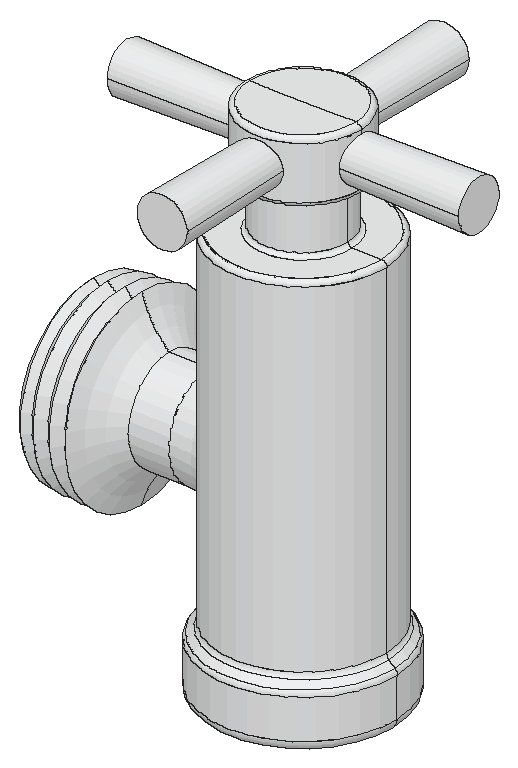
Revit family "797360001_REGULACIÓN PARA LAVADORA MANIJA CRUCETA", category Plumbing Fixtures, Revit 2019
Family settings
  Round Connector Dimension = Use Diameter
  Part Type = Normal
  OmniClass Number = 23.45.55.14
  OmniClass Title = Single Faucets
  Work Plane-Based = No
  Always vertical = Yes
  Cut with Voids When Loaded = No
  Shared = No
  Room Calculation Point = No
Parameters
  URL = "https://www.grival.com/soluciones-para-agua/acoples-y-reguladores/llaves-para-lavadoras-y-calentadores/regulacion-para-lavadora-manija-cruceta/"
  Temperatura de uso = "De 4° C A 66° C (40° F y 150° F)"  # constant formula
  Referencia = "797360001"  # constant formula
  Profundidad = 49.369 mm
  Presion minima = "138 kPa (20 psi)"  # constant formula
  Presion maxima = "1249 kPa (180 psi)"  # constant formula
  Material = Corona_Acero
  Fabricante = "Grival"  # constant formula
  Capacidad de flujo = "15 L/min.( 4,0 gpm) a 138 kPa (20 psi)"  # constant formula
  Ancho = 54.759 mm
  Alto = 74.6 mm
Reference planes
  plane 1 "Center (Front/Back)": y = 0
  plane 2: z = 0
  plane 3 "Center (Left/Right)": x = 0
  plane 4: z = 74.6
  plane 5: z = 29.302
  plane 6: x = 24.685
  plane 7: x = -30.075
Forms (mm)
  Revolve 1, solid, material "Corona_Acero", detail levels medium+fine
    sketch origin (0, 0, 0) x (1, 0, 0) y (0, 0, 1)
      loop
        line (0, 0) -> (0, 74.6) -> (-7.483, 74.6)
        arc (-7.483, 74.6) -> (-7.983, 74.393) -> (-8.19, 73.893) r 0.707
        line (-8.19, 73.893) -> (-8.19, 66.45)
        arc (-8.19, 66.45) -> (-8.013, 66.025) -> (-7.588, 65.849) r 0.602
        line (-7.588, 65.849) -> (-6.274, 65.849) -> (-6.274, 59.101)
        arc (-6.274, 59.101) -> (-6.442, 58.694) -> (-6.849, 58.526) r 0.575
        line (-6.849, 58.526) -> (-11.027, 58.526)
        arc (-11.027, 58.526) -> (-11.514, 58.324) -> (-11.716, 57.836) r 0.69
        line (-11.716, 57.836) -> (-11.716, 9.392)
        arc (-11.716, 9.392) -> (-11.8, 8.969) -> (-12.04, 8.611) r 1.105
        line (-12.04, 8.611) -> (-12.902, 7.748)
        arc (-12.902, 7.748) -> (-13.125, 7.415) -> (-13.203, 7.023) r 1.026
        line (-13.203, 7.023) -> (-13.203, 1.468)
        arc (-13.203, 1.468) -> (-12.773, 0.43) -> (-11.735, 0) r 1.468
        line (-11.735, 0) -> (0, 0)
      axis (0, 0) -> (0, 74.6)
    angle from 0 to 360
  Revolve 2, solid, material "Corona_Acero", detail levels medium+fine
    sketch origin (0, 0, 0) x (1, 0, 0) y (0, 0, 1)
      loop
        line (-30.075, 29.302) -> (-3.678, 29.302) -> (-3.678, 39.507)
        arc (-3.678, 39.507) -> (-8.193, 37.207) -> (-13.198, 36.414) r 16.197
        line (-13.198, 36.414) -> (-18.909, 36.414)
        arc (-18.909, 36.414) -> (-21.214, 39.322) -> (-22.699, 42.723) r 14.413
        line (-22.699, 42.723) -> (-23.944, 41.24) -> (-25.028, 42.532) -> (-26.302, 41.259) -> (-27.435, 42.392) -> (-28.537, 41.29) -> (-29.372, 42.125) -> (-30.075, 41.423) -> (-30.075, 29.302)
      axis (-30.075, 29.302) -> (-3.678, 29.302)
    angle from 0 to 360
  SweptBlend 3, solid, material "Corona_Acero", detail levels medium+fine
    path origin (0, 0, -0.234) x (1, 0, 0) y (0, 0, 1)
      loop
        line (0, 70.492) -> (24.685, 70.492)
    profile origin (0, 0, 70.258) x (0, 0, 1) y (0, -1, 0)
      loop
        circle (0, 0) r 3.046
    end profile origin (24.685, 0, 70.258) x (0, 0, 1) y (0, -1, 0)
      loop
        circle (0, 0) r 3.5
  SweptBlend 4, solid, material "Corona_Acero", detail levels medium+fine
    path origin (0, 0, -0.234) x (-1, 0, 0) y (0, 0, 1)
      loop
        line (0, 70.492) -> (24.685, 70.492)
    profile origin (0, 0, 70.258) x (0, 0, -1) y (0, -1, 0)
      loop
        circle (0, 0) r 3.046
    end profile origin (-24.685, 0, 70.258) x (0, 0, -1) y (0, -1, 0)
      loop
        circle (0, 0) r 3.5
  SweptBlend 5, solid, material "Corona_Acero", detail levels medium+fine
    path origin (0, 0, -0.234) x (0, -1, 0) y (0, 0, 1)
      loop
        line (0, 70.492) -> (24.685, 70.492)
    profile origin (0, 0, 70.258) x (0, 0, 1) y (-1, 0, 0)
      loop
        circle (0, 0) r 3.046
    end profile origin (0, -24.685, 70.258) x (0, 0, 1) y (-1, 0, 0)
      loop
        circle (0, 0) r 3.5
  SweptBlend 6, solid, material "Corona_Acero", detail levels medium+fine
    path origin (0, 0, -0.234) x (0, 1, 0) y (0, 0, -1)
      loop
        line (0, -70.492) -> (24.685, -70.492)
    profile origin (0, 0, 70.258) x (0, 0, -1) y (-1, 0, 0)
      loop
        circle (0, 0) r 3.046
    end profile origin (0, 24.685, 70.258) x (0, 0, -1) y (-1, 0, 0)
      loop
        circle (0, 0) r 3.5
  Extrusion 7, solid, material "Cubo", detail levels coarse
    sketch origin (0, 0, 0) x (1, 0, 0) y (0, 1, 0)
      loop
        line (-30.075, 24.685) -> (-30.075, -24.685) -> (24.685, -24.685) -> (24.685, 24.685) -> (-30.075, 24.685)
    from 0 to 74.6
Dimensions and locks
  "Alto": plane 4 to level
  "Ancho": plane 6 to plane 7
  "Profundidad": Extrusion 7 to Extrusion 7
  aligned and locked: level to plane 2
Automatic sketch dimensions
  Revolve 1 sketch curve to level = 0 mm
  Revolve 1 sketch curve to plane 4 = 0 mm
  Revolve 1 sketch curve to plane 3 "Center (Left/Right)" = 0 mm  (x2)
  Revolve 1 sketch curve to plane 3 "Center (Left/Right)" = 6.274 mm
  Revolve 1 sketch curve to Revolve 1 sketch curve = 0.575 mm
  Revolve 1 sketch curve to plane 3 "Center (Left/Right)" = 7.483 mm
  Revolve 1 sketch curve to Revolve 1 sketch curve = 1.314 mm
  Revolve 1 sketch curve to Revolve 1 sketch curve = 0.602 mm
  Revolve 1 sketch curve to Revolve 1 sketch curve = 4.177 mm
  Revolve 1 sketch curve to Revolve 1 sketch curve = 0.69 mm
  Revolve 1 sketch curve to Revolve 1 sketch curve = 0.019 mm
  level to Revolve 1 sketch curve = 8.611 mm
  Revolve 1 sketch curve to Revolve 1 sketch curve = 0.324 mm
  Revolve 1 sketch curve to Revolve 1 sketch curve = 0.137 mm
  Revolve 1 sketch curve to Revolve 1 sketch curve = 0.782 mm
  level to Revolve 1 sketch curve = 7.748 mm
  Revolve 1 sketch curve to Revolve 1 sketch curve = 0.726 mm
  level to Revolve 1 sketch curve = 1.468 mm
  Revolve 1 sketch curve to Revolve 1 sketch curve = 16.057 mm
  Revolve 1 sketch curve to Revolve 1 sketch curve = 6.748 mm
  Revolve 1 sketch curve to level = 25 mm
  Revolve 1 sketch curve to plane 4 = 40.4 mm
  Revolve 2 sketch curve to plane 5 = 0 mm  (x2)
  Revolve 2 sketch curve to plane 7 = 0 mm
  Revolve 2 sketch curve to plane 3 "Center (Left/Right)" = 0 mm
  plane 7 to Revolve 2 sketch curve = 0.703 mm
  Revolve 2 sketch curve to Revolve 2 sketch curve = 0.835 mm
  Revolve 2 sketch curve to Revolve 2 sketch curve = 1.102 mm
  Revolve 2 sketch curve to Revolve 2 sketch curve = 1.133 mm
  Revolve 2 sketch curve to Revolve 2 sketch curve = 1.274 mm
  Revolve 2 sketch curve to Revolve 2 sketch curve = 1.084 mm
  Revolve 2 sketch curve to Revolve 2 sketch curve = 1.244 mm
  Revolve 2 sketch curve to Revolve 2 sketch curve = 5.035 mm
  Revolve 2 sketch curve to plane 3 "Center (Left/Right)" = 13.198 mm
  Revolve 2 sketch curve to Revolve 2 sketch curve = 4.339 mm
  Revolve 2 sketch curve to Revolve 2 sketch curve = 3.678 mm
  Revolve 2 sketch curve to plane 5 = 7.112 mm
  Revolve 2 sketch curve to Revolve 2 sketch curve = 3.093 mm
  Revolve 2 sketch curve to Revolve 2 sketch curve = 4.826 mm
  Revolve 2 sketch curve to Revolve 2 sketch curve = 0.018 mm
  Revolve 2 sketch curve to Revolve 2 sketch curve = 0.031 mm
  Revolve 2 sketch curve to Revolve 2 sketch curve = 1.483 mm
  Revolve 2 sketch curve to plane 7 = 2.546 mm
  SweptBlend 3 sketch curve to plane 3 "Center (Left/Right)" = 0 mm
  SweptBlend 3 sketch curve to plane 6 = 0 mm
  plane 4 to SweptBlend 3 sketch curve = 4.342 mm
  SweptBlend 3 sketch curve to plane 1 "Center (Front/Back)" = 0 mm  (x2)
  profile plane to SweptBlend 3 sketch curve = 0 mm  (x2)
  SweptBlend 4 sketch curve to plane 3 "Center (Left/Right)" = 0 mm
  SweptBlend 4 sketch curve to plane 4 = 4.342 mm
  SweptBlend 4 sketch curve to plane 7 = 5.39 mm
  SweptBlend 4 sketch curve to plane 1 "Center (Front/Back)" = 0 mm  (x2)
  SweptBlend 4 sketch curve to profile plane = 0 mm  (x2)
  SweptBlend 5 sketch curve to plane 1 "Center (Front/Back)" = 0 mm
  plane 4 to SweptBlend 5 sketch curve = 4.342 mm
  SweptBlend 5 sketch curve to SweptBlend 5 sketch curve = 24.685 mm
  SweptBlend 5 sketch curve to profile plane = 0 mm  (x2)
  profile plane to SweptBlend 5 sketch curve = 0 mm  (x2)
  SweptBlend 6 sketch curve to plane 1 "Center (Front/Back)" = 0 mm
  plane 4 to SweptBlend 6 sketch curve = 4.342 mm
  SweptBlend 6 sketch curve to plane 1 "Center (Front/Back)" = 24.685 mm
  SweptBlend 6 sketch curve to profile plane = 0 mm  (x2)
  profile plane to SweptBlend 6 sketch curve = 0 mm  (x2)
  Extrusion 7 sketch curve to plane 7 = 0 mm
  Extrusion 7 sketch curve to plane 6 = 0 mm
  plane 1 "Center (Front/Back)" to Extrusion 7 sketch curve = 24.685 mm
  Extrusion 7 sketch curve to plane 1 "Center (Front/Back)" = 24.685 mm
  radius of SweptBlend 3 sketch curve = 3.046 mm
  radius of SweptBlend 3 sketch curve = 3.5 mm
  radius of SweptBlend 4 sketch curve = 3.046 mm
  radius of SweptBlend 4 sketch curve = 3.5 mm
  radius of SweptBlend 5 sketch curve = 3.046 mm
  radius of SweptBlend 5 sketch curve = 3.5 mm
  radius of SweptBlend 6 sketch curve = 3.046 mm
  radius of SweptBlend 6 sketch curve = 3.5 mm
Nested families
  nested 1: "Family6" at (24.605, 0, 0) x (1, 0, 0) z (0, -1, 0), type "Family6", detail levels coarse
Connectors
  piping at (0, 0, 0), diameter 15
    settings: index 1, connector inside diameter 609.6 mm, connector length 0 mm, flow factor 0, pipe flow 0.0 L/s, pressure drop 0.0 Pa, fitting loss kfactor 0, connector angle 0.00°, fixture units 0, engagement length 0 mm, angle of deflection 0.00°, flow configuration 0, flow direction 0, fitting loss method 0, system type 7, joint type 0, gender type 0, connector reference index -1, connector utility 0, adjustable connector no, is connector primary yes, connector description ""
Definition of nested family "Family6"
  Reference planes
    plane 1 "Center (Front/Back)": y = 0
    plane 2: z = 0
    plane 3 "Center (Left/Right)": x = 0
    plane 4: x = -55
    plane 5: y = 75
  Lines and regions (mm)
    detail lines, in view "Ref. Level"
      curve 1: line (-24.605, 75, 0) -> (-16.165, 75, 0)
      curve 2: line (-16.165, 75, 0) -> (-16.165, 73.41, 0)
      curve 3: line (-16.165, 73.41, 0) -> (0, 74.257, 0)
      curve 4: line (0, 74.257, 0) -> (0, 67.057, 0)
      curve 5: line (0, 67.057, 0) -> (-16.165, 67.904, 0)
      curve 6: line (-16.165, 67.904, 0) -> (-16.165, 65.817, 0)
      curve 7: line (-16.165, 65.817, 0) -> (-17.634, 65.817, 0)
      curve 8: line (-17.634, 65.817, 0) -> (-17.634, 58.653, 0)
      curve 9: line (-17.634, 58.653, 0) -> (-12.634, 58.653, 0)
      curve 10: line (-12.634, 58.653, 0) -> (-12.634, 8.045, 0)
      curve 11: line (-12.634, 8.045, 0) -> (-11.14, 8.045, 0)
      curve 12: line (-11.14, 8.045, 0) -> (-11.14, 0, 0)
      curve 13: line (-11.14, 0, 0) -> (-24.605, 0, 0)
      curve 14: circle (-24.605, 70.715, 0) r 2.956 normal (0, 0, 1)
      curve 15: line (-16.165, 66.86, 0) -> (-24.605, 66.86, 0)
      curve 16: line (-17.634, 65.817, 0) -> (-24.605, 65.817, 0)
      curve 17: line (-12.634, 8.045, 0) -> (-24.605, 8.045, 0)
      curve 18: line (-24.605, 8.847, 0) -> (-12.634, 8.847, 0)
      curve 19: line (-12.634, 41.806, 0) -> (-24.605, 41.806, 0)
      curve 20: line (-12.634, 57.319, 0) -> (-24.605, 57.319, 0)
      curve 21: line (-17.634, 58.653, 0) -> (-24.605, 58.653, 0)
      curve 22: line (-24.605, 75, 0) -> (-33.044, 75, 0)
      curve 23: line (-33.044, 75, 0) -> (-33.044, 73.41, 0)
      curve 24: line (-33.044, 73.41, 0) -> (-49.21, 74.257, 0)
      curve 25: line (-49.21, 74.257, 0) -> (-49.21, 67.057, 0)
      curve 26: line (-49.21, 67.057, 0) -> (-33.044, 67.904, 0)
      curve 27: line (-33.044, 67.904, 0) -> (-33.044, 65.817, 0)
      curve 28: line (-33.044, 65.817, 0) -> (-31.576, 65.817, 0)
      curve 29: line (-31.576, 65.817, 0) -> (-31.576, 58.653, 0)
      curve 30: line (-31.576, 58.653, 0) -> (-36.576, 58.653, 0)
      curve 31: line (-36.576, 58.653, 0) -> (-36.576, 37.576, 0)
      curve 32: line (-36.576, 8.045, 0) -> (-38.07, 8.045, 0)
      curve 33: line (-38.07, 8.045, 0) -> (-38.07, 0, 0)
      curve 34: line (-38.07, 0, 0) -> (-24.605, 0, 0)
      curve 35: line (-33.044, 66.86, 0) -> (-24.605, 66.86, 0)
      curve 36: line (-31.576, 65.817, 0) -> (-24.605, 65.817, 0)
      curve 37: line (-36.576, 8.045, 0) -> (-24.605, 8.045, 0)
      curve 38: line (-24.605, 8.847, 0) -> (-36.576, 8.847, 0)
      curve 39: line (-36.576, 41.806, 0) -> (-24.605, 41.806, 0)
      curve 40: line (-36.576, 57.319, 0) -> (-24.605, 57.319, 0)
      curve 41: line (-31.576, 58.653, 0) -> (-24.605, 58.653, 0)
      curve 42: arc (-16.165, 73.41, 0) -> (-16.945, 70.657, 0) -> (-16.165, 67.904, 0) r 5.25
      curve 43: arc (-33.044, 73.41, 0) -> (-32.305, 70.657, 0) -> (-33.044, 67.904, 0) r 5.497
      curve 44: arc (-36.576, 37.576, 0) -> (-33.246, 29.136, 0) -> (-36.576, 20.696, 0) r 12.362
      curve 45: arc (-38.111, 36.157, 0) -> (-34.727, 29.131, 0) -> (-38.111, 22.105, 0) r 8.986
      curve 46: line (-36.576, 20.696, 0) -> (-36.576, 8.045, 0)
      curve 47: arc (-38.111, 36.157, 0) -> (-37.191, 36.701, 0) -> (-36.576, 37.576, 0) r 2.539
      curve 48: arc (-38.111, 22.105, 0) -> (-37.142, 21.616, 0) -> (-36.591, 20.68, 0) r 1.927
      curve 49: line (-38.111, 22.105, 0) -> (-43.595, 22.105, 0)
      curve 50: line (-45.433, 20.434, 0) -> (-46.659, 16.102, 0)
      curve 51: line (-46.659, 16.102, 0) -> (-47.656, 17.526, 0)
      curve 52: line (-47.656, 17.526, 0) -> (-48.839, 15.837, 0)
      curve 53: line (-48.839, 15.837, 0) -> (-50.082, 17.613, 0)
      curve 54: line (-50.082, 17.613, 0) -> (-51.262, 15.927, 0)
      curve 55: line (-51.262, 15.927, 0) -> (-52.561, 17.475, 0)
      curve 56: line (-52.561, 17.475, 0) -> (-53.754, 15.771, 0)
      curve 57: line (-53.754, 15.771, 0) -> (-55, 17.551, 0)
      curve 58: line (-55, 17.551, 0) -> (-55, 41.095, 0)
      curve 59: line (-55, 41.095, 0) -> (-54.321, 42.271, 0)
      curve 60: line (-54.321, 42.271, 0) -> (-53.536, 41.336, 0)
      curve 61: line (-53.536, 41.336, 0) -> (-52.257, 42.616, 0)
      curve 62: line (-52.257, 42.616, 0) -> (-51.089, 41.449, 0)
      curve 63: line (-51.089, 41.449, 0) -> (-50.034, 42.706, 0)
      curve 64: line (-50.034, 42.706, 0) -> (-48.771, 41.442, 0)
      curve 65: line (-48.771, 41.442, 0) -> (-47.578, 42.865, 0)
      curve 66: arc (-47.578, 42.865, 0) -> (-45.86, 39.316, 0) -> (-43.501, 36.157, 0) r 20.736
      curve 67: line (-38.111, 36.157, 0) -> (-43.501, 36.157, 0)
      curve 68: arc (-45.433, 20.434, 0) -> (-44.753, 21.532, 0) -> (-43.595, 22.105, 0) r 2.35
      curve 69: line (-43.501, 36.157, 0) -> (-43.501, 22.105, 0)
      curve 70: line (-45.006, 38.023, 0) -> (-45.006, 21.262, 0)
      curve 71: line (-46.165, 39.835, 0) -> (-46.659, 16.102, 0)
      curve 72: line (-47.578, 42.865, 0) -> (-46.659, 16.102, 0)
      curve 73: line (-48.771, 41.442, 0) -> (-47.937, 17.126, 0)
      curve 74: line (-49.46, 16.725, 0) -> (-50.562, 42.077, 0)
      curve 75: line (-51.089, 41.449, 0) -> (-50.659, 16.789, 0)
      curve 76: line (-51.262, 15.927, 0) -> (-52.415, 42.458, 0)
      curve 77: line (-53.536, 41.336, 0) -> (-52.561, 17.475, 0)
      curve 78: line (-53.536, 41.336, 0) -> (-54.06, 16.209, 0)
